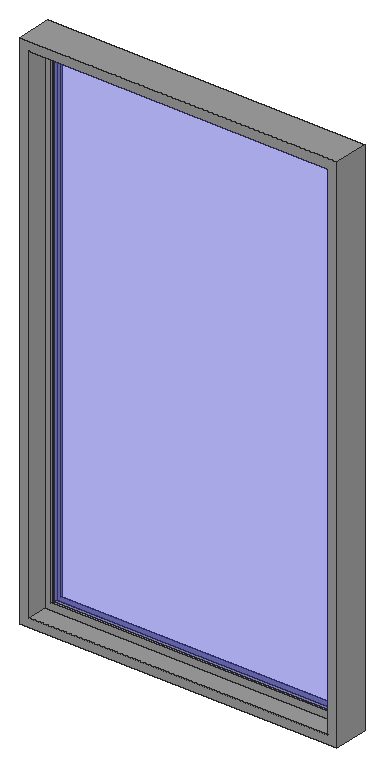
Revit family "SFH 4 FX001", category Windows, host Wall, Revit 2015
Parameters
  Wall Thickness [instance] = 0' - 6"
  URL = "obe.com"
  Rough Width = Width + 0' 0 1/2"  # 3' - 0 1/2"
  Rough Height = Height + 0' 0 1/2"  # 5' - 0 1/2"
  Offset Limitation [instance] = if((Offset + 0' 4") > Wall Thickness, (Wall Thickness - 0' 4"), Offset)  # 0' - 0"
  Offset [instance] = 0' - 0"
  Model = "SS_4_FX FX001"
  Manufacturer = "Oldcastle Building Envelope®"
  Keynote = "085100"
  Height = 5' - 0"
  Glass Material = Glass
  Gasket Material = Gasket
  Frame Material = Aluminum
  Description = "SIGNATURE FIXED HUNG 4\""
  Default Sill Height = 3' - 0"
  Wall Closure = By host
  Width = 3' - 0"
  Assembly Code = "B2020"
Reference planes (in)
  plane 1 "Center (Front/Back)": y = 0
  plane 2: z = 0
  plane 3 "Center (Left/Right)": x = -6
  plane 4 "Left": x = -24.25
  plane 5 "Right": x = 12.25
  plane 6 "Sill": z = 36
  plane 7 "Top": z = 96.5
  plane 8: x = 12
  plane 9: x = -24
  plane 10: z = 96.25
  plane 11: z = 36.25
  plane 12 "Offset": y = 3
  plane 13: z = 37.312
  plane 14: z = 95.188
Forms (in)
  Sweep 1, solid, material "Aluminum" <- "Frame Material"
    path origin (0, 3, 0) x (1, 0, 0) y (0, 0, 1)
      loop
        line (-24, 36) -> (-24, 96.5)
    profile origin (-24, 3, 66.25) x (-1, 0, 0) y (0, -1, 0)
      loop
        line (0.25, 0) -> (0.25, 4) -> (-0.8125, 4) -> (-0.8125, 1.781) -> (-1.5625, 1.781) -> (-1.5625, 1.41813) -> (-1.062, 1.41813) -> (-1.062, 0.3125) -> (-1.5625, 0.3125) -> (-1.5625, 0.1875) -> (-0.8125, 0.1875) -> (-0.8125, 0) -> (0.25, 0)
  Sweep 2, solid, material "Aluminum" <- "Frame Material"
    path origin (0, 3, 0) x (1, 0, 0) y (0, 0, 1)
      loop
        line (12, 96.5) -> (12, 36)
    profile origin (12, 3, 66.25) x (0, -1, 0) y (1, 0, 0)
      loop
        line (0, 0.25) -> (0, -0.8125) -> (0.1875, -0.8125) -> (0.1875, -1.5625) -> (0.3125, -1.5625) -> (0.3125, -1.062) -> (1.41813, -1.062) -> (1.41813, -1.5625) -> (1.781, -1.5625) -> (1.781, -0.8125) -> (4, -0.8125) -> (4, 0.25) -> (0, 0.25)
  Sweep 3, solid, material "Aluminum" <- "Frame Material"
    path origin (0, 3, 0) x (1, 0, 0) y (0, 0, 1)
      loop
        line (12.25, 96.25) -> (-24.25, 96.25)
    profile origin (-6, 3, 96.25) x (0, 0, -1) y (0, -1, 0)
      loop
        line (-0.25, 0) -> (0.8125, 0) -> (0.8125, 0.1875) -> (1.5625, 0.1875) -> (1.5625, 0.3125) -> (1.062, 0.3125) -> (1.062, 1.41813) -> (1.5625, 1.41813) -> (1.5625, 1.781) -> (0.8125, 1.781) -> (0.8125, 4) -> (-0.25, 4) -> (-0.25, 0)
  Sweep 4, solid, material "Aluminum" <- "Frame Material"
    path origin (0, 3, 0) x (1, 0, 0) y (0, 0, 1)
      loop
        line (-24.25, 36.25) -> (12.25, 36.25)
    profile origin (-6, 3, 36.25) x (0, 0, 1) y (0, -1, 0)
      loop
        line (0.8125, 4) -> (-0.25, 4) -> (-0.25, 0) -> (0.8125, 0) -> (0.8125, 0.1875) -> (1.5625, 0.1875) -> (1.5625, 0.3125) -> (1.062, 0.3125) -> (1.062, 1.3125) -> (1.062, 1.41812) -> (1.5625, 1.41812) -> (1.5625, 1.781) -> (0.8125, 1.781) -> (0.8125, 4)
  Extrusion 5, solid, material "Glass" <- "Glass Material", detail levels coarse
    sketch origin (0, 0, 0) x (1, 0, 0) y (0, 1, 0)
      loop
        line (10.938, 2.6875) -> (-22.938, 2.6875) -> (-22.938, 1.6875) -> (10.938, 1.6875) -> (10.938, 2.6875)
    from 37.312 to 95.188
  Sweep 6, solid, material "Gasket" <- "Gasket Material", detail levels fine
    path origin (0, 3, 0) x (1, 0, 0) y (0, 0, 1)
      loop
        line (12, 96.25) -> (-24, 96.25) -> (-24, 36.25) -> (12, 36.25) -> (12, 96.25)
    profile origin (-6, 3, 96.25) x (0, 0, -1) y (0, -1, 0)
      loop
        arc (1.32507, 1.41812) -> (1.30534, 1.36531) -> (1.32507, 1.3125) r 0.08053
        line (1.32507, 1.3125) -> (1.44667, 1.3125)
        arc (1.44667, 1.3125) -> (1.4664, 1.36531) -> (1.44667, 1.41812) r 0.08053
        line (1.44667, 1.41812) -> (1.32507, 1.41812)
  Extrusion 7, solid, material "Glass" <- "Glass Material", detail levels medium+fine
    sketch origin (0, 0, 0) x (1, 0, 0) y (0, 1, 0)
      loop
        line (-22.938, 2.6875) -> (-22.938, 2.5625) -> (10.938, 2.5625) -> (10.938, 2.6875) -> (-22.938, 2.6875)
      loop
        line (10.938, 1.6875) -> (10.938, 1.8125) -> (-22.938, 1.8125) -> (-22.938, 1.6875) -> (10.938, 1.6875)
    from 37.312 to 95.188
Cuts and joins
  joined: Sweep 1, Sweep 2, Sweep 3, Sweep 4
Lines and regions (in)
  Opening 1
    outline origin (-60, -3, 0) x (1, 0, 0) y (0, 0, 1)
      loop
        line (35.75, 96.5) -> (35.75, 36) -> (72.25, 36) -> (72.25, 96.5) -> (35.75, 96.5)
Text (in)
  text "EXTERIOR" at (-58.6888, 60.90694, 0), in view "Ref. Level"
  text "INTERIOR" at (-58.6888, -47.76638, 0), in view "Ref. Level"
  text "Exterior" at (0, 43.65631, 123.19604), in view "Left"
  text "Exterior" at (0, 18.29385, 125.04747), in view "Right"
Dimensions and locks (in)
  equal spacing: plane 4 "Left", plane 3 "Center (Left/Right)", plane 5 "Right"
  "Rough Height": plane 6 "Sill" to plane 7 "Top"
  "Default Sill Height": plane 2 to plane 6 "Sill"
  locked: plane 6 "Sill" to plane 11 at 0.25
  locked: plane 8 to plane 5 "Right" at 0.25
  "Height": plane 11 to plane 10
  "Offset Limitation": plane 12 "Offset" to host wall
  "Wall Thickness": host wall to host wall
  "Width": plane 9 to plane 8
  "Rough Width": plane 4 "Left" to plane 5 "Right"
  locked: plane 13 to plane 11 at 1.062
  locked: plane 10 to plane 14 at 1.062
  Extrusion 5 sketch curve to Extrusion 5 sketch curve to plane 12 "Offset" = 0' - 1" locked, 0' - 0 5/16" locked
  plane 12 "Offset" to Extrusion 7 sketch curve to Extrusion 7 sketch curve to Extrusion 7 sketch curve to Extrusion 7 sketch curve = 0' - 0 5/16" locked, 0' - 0 1/8" locked, 0' - 0 3/4" locked, 0' - 0 1/8" locked
  aligned and locked: plane 7 "Top" to Opening 1 sketch curve
  aligned and locked: plane 6 "Sill" to Opening 1 sketch curve  (x2)
  aligned and locked: plane 5 "Right" to Opening 1 sketch curve
  aligned and locked: plane 4 "Left" to Opening 1 sketch curve
  aligned and locked: level to plane 2
  aligned and locked: Sweep 2 sketch curve to plane 8
  aligned and locked: plane 10 to Sweep 3 sketch curve
  aligned and locked: Sweep 4 sketch curve to plane 11
  aligned and locked: plane 14 to Extrusion 5
  aligned and locked: Extrusion 5 to plane 13
  aligned and locked: nested 1 to plane 11
  aligned and locked: plane 3 "Center (Left/Right)" to nested 1
  aligned and locked: plane 12 "Offset" to nested 1
  aligned and locked: plane 11 to nested 2
  aligned and locked: plane 12 "Offset" to nested 2
  aligned and locked: Extrusion 7 to plane 13
  aligned and locked: plane 14 to Extrusion 7
  aligned and locked: plane 3 "Center (Left/Right)" to nested 2
Automatic sketch dimensions
  Sweep 2 sketch curve to plane 6 "Sill" = 0' - 0"
  Sweep 2 sketch curve to plane 7 "Top" = 0' - 0"
  plane 12 "Offset" to Sweep 2 sketch curve = 0' - 0"
  Sweep 2 sketch curve to profile plane = 0' - 0 1/4"
  plane 12 "Offset" to Sweep 2 sketch curve = 0' - 0 3/16"
  Sweep 2 sketch curve to Sweep 2 sketch curve = 0' - 0 1/8"
  Sweep 2 sketch curve to Sweep 2 sketch curve = 0' - 1.10563"
  Sweep 2 sketch curve to Sweep 2 sketch curve = 0' - 0.36288"
  Sweep 2 sketch curve to Sweep 2 sketch curve = 0' - 2.219"
  profile plane to Sweep 2 sketch curve = 0' - 0 13/16"
  Sweep 2 sketch curve to Sweep 2 sketch curve = 0' - 1 1/16"
  Sweep 2 sketch curve to Sweep 2 sketch curve = 0' - 0.2495"
  Sweep 2 sketch curve to Sweep 2 sketch curve = 0' - 0.5005"  (x2)
  plane 4 "Left" to Sweep 3 sketch curve = 0' - 0"
  plane 5 "Right" to Sweep 3 sketch curve = 0' - 0"
  Sweep 3 sketch curve to plane 12 "Offset" = 0' - 0"
  profile plane to Sweep 3 sketch curve = 0' - 0 1/4"
  Sweep 3 sketch curve to profile plane = 0' - 0 13/16"  (x2)
  plane 12 "Offset" to Sweep 3 sketch curve = 0' - 0 3/16"
  Sweep 3 sketch curve to Sweep 3 sketch curve = 0' - 0.2495"
  Sweep 3 sketch curve to Sweep 3 sketch curve = 0' - 0.5005"  (x2)
  Sweep 3 sketch curve to Sweep 3 sketch curve = 0' - 0 1/8"
  Sweep 3 sketch curve to Sweep 3 sketch curve = 0' - 1.10562"
  Sweep 3 sketch curve to Sweep 3 sketch curve = 0' - 0.36288"
  Sweep 3 sketch curve to Sweep 3 sketch curve = 0' - 2.219"
  Sweep 1 sketch curve to plane 7 "Top" = 0' - 0"
  plane 9 to Sweep 1 sketch curve = 0' - 0"
  Sweep 1 sketch curve to plane 6 "Sill" = 0' - 0"
  plane 12 "Offset" to Sweep 1 sketch curve = 0' - 0"
  profile plane to Sweep 1 sketch curve = 0' - 1 9/16"
  plane 12 "Offset" to Sweep 1 sketch curve = 0' - 0 5/16"
  Sweep 1 sketch curve to Sweep 1 sketch curve = 0' - 0"
  Sweep 1 sketch curve to Sweep 1 sketch curve = 0' - 0.5005"
  Sweep 1 sketch curve to Sweep 1 sketch curve = 0' - 0.2495"
  profile plane to Sweep 1 sketch curve = 0' - 0 13/16"
  Sweep 1 sketch curve to profile plane = 0' - 0 1/4"
  plane 12 "Offset" to Sweep 1 sketch curve = 0' - 0 3/16"
  Sweep 1 sketch curve to Sweep 1 sketch curve = 0' - 1.10563"
  Sweep 1 sketch curve to Sweep 1 sketch curve = 0' - 0.36288"
  Sweep 1 sketch curve to Sweep 1 sketch curve = 0' - 2.219"
  plane 4 "Left" to Sweep 4 sketch curve = 0' - 0"
  plane 5 "Right" to Sweep 4 sketch curve = 0' - 0"
  Sweep 4 sketch curve to plane 12 "Offset" = 0' - 0"
  profile plane to Sweep 4 sketch curve = 0' - 0 1/4"
  Sweep 4 sketch curve to profile plane = 0' - 0 13/16"  (x2)
  Sweep 4 sketch curve to Sweep 4 sketch curve = 0' - 0.2495"
  Sweep 4 sketch curve to Sweep 4 sketch curve = 0' - 0.5005"  (x2)
  plane 12 "Offset" to Sweep 4 sketch curve = 0' - 0 3/16"
  Sweep 4 sketch curve to Sweep 4 sketch curve = 0' - 0 1/8"
  Sweep 4 sketch curve to Sweep 4 sketch curve = 0' - 1"
  Sweep 4 sketch curve to Sweep 4 sketch curve = 0' - 0.10562"
  Sweep 4 sketch curve to Sweep 4 sketch curve = 0' - 0.36288"
  Sweep 4 sketch curve to Sweep 4 sketch curve = 0' - 2.219"
  Extrusion 5 sketch curve to plane 9 = 0' - 1.062"
  plane 8 to Extrusion 5 sketch curve = 0' - 1.062"
  Sweep 6 sketch curve to Sweep 6 sketch curve = 0' - 0"  (x3)
  Sweep 6 sketch curve to profile plane = 0' - 1.32507"
  Sweep 6 sketch curve to Sweep 6 sketch curve = 0' - 0.0608"  (x2)
  plane 12 "Offset" to Sweep 6 sketch curve = 0' - 1 5/16"
  Sweep 6 sketch curve to Sweep 6 sketch curve = 0' - 0.05281"
  plane 9 to Sweep 6 sketch curve = 0' - 0"
  plane 8 to Sweep 6 sketch curve = 0' - 0"
  Sweep 6 sketch curve to plane 11 = 0' - 0"
  Sweep 6 sketch curve to plane 10 = 0' - 0"
  Extrusion 7 sketch curve to plane 9 = 0' - 1.062"
  Extrusion 7 sketch curve to Extrusion 7 sketch curve = 0' - 0"  (x2)
  plane 8 to Extrusion 7 sketch curve = 0' - 1.062"
Nested families (in)
  nested 1: "SFH-4-Plan View" at (-6, 3, 3.33899), Default Sill Height <- "Default Sill Height", Height <- "Height", Width <- "Width", type "SFH-4-Plan View"
    with Width 3' - 0", Height 5' - 0", Default Sill Height 3' - 0"
  nested 2: "SFH-4-Section Fixed" at (-6, 3, 0.25), Default Sill Height <- "Default Sill Height", Height <- "Height", Width <- "Width", type "SFH-4-Section Fixed"
    with Width 3' - 0", Height 5' - 0", Default Sill Height 3' - 0"
Definition of nested family "SFH-4-Plan View"
  Parameters (values of type "SFH-4-Plan View")
    Width [instance] = 2' - 0"
    Height [instance] = 4' - 0"
    Default Sill Height [instance] = 3' - 0"
    Analytic Construction = "<None>"
  Reference planes (in)
    plane 1 "Center (Front/Back)": y = 0
    plane 2: z = -3.08899
    plane 3 "Center (Left/Right)": x = 0
    plane 4: z = 32.91101
  Lines and regions (in)
    model lines, not visible
      curve 1: line (0, 0, 32.91101) -> (0, 0, 80.91101)
  Dimensions and locks (in)
    "Default Sill Height": plane 4 to plane 2
    "Height": curve 1 to plane 4
    aligned and locked: plane 2 to level
    aligned and locked: plane 1 "Center (Front/Back)" to nested 1
    aligned and locked: plane 3 "Center (Left/Right)" to nested 1
    aligned and locked: plane 4 to curve 1
    aligned and locked: plane 1 "Center (Front/Back)" to curve 1
  Nested families (in)
    nested 1: "SFH-4-Plan View" at (-12, 0, -3.08899), Width <- "Width", type "SFH-4-Plan View"
      with Width 2' - 0"
  Definition of nested family "SFH-4-Plan View"
    Parameters (values of type "SFH-4-Plan View")
      Width [instance] = 3' - 0"
    Reference planes (in)
      plane 1 "Center (Front/Back)": y = 0
      plane 2: z = 0
      plane 3 "Left": x = -6
      plane 4: x = 30
      plane 5: x = 28.938
      plane 6: x = -4.938
      plane 7 "Center (Left/Right)": x = 12
    Lines and regions (in)
      detail lines, in view "Ref. Level"
        curve 1: line (28.938, -0.3125, 0) -> (-4.938, -0.3125, 0)
        curve 4: line (28.938, -1.3125, 0) -> (-4.938, -1.3125, 0)
      detail lines, in view "Ref. Level", detail levels medium+fine
        curve 2: line (28.938, -0.4375, 0) -> (-4.938, -0.4375, 0)
        curve 3: line (28.938, -1.1875, 0) -> (-4.938, -1.1875, 0)
    Dimensions and locks (in)
      "Width": plane 3 "Left" to plane 4
      locked: plane 3 "Left" to plane 6 at 1.062
      locked: plane 5 to plane 4 at 1.062
      equal spacing: plane 3 "Left", plane 7 "Center (Left/Right)", plane 4
      aligned and locked: plane 6 to curve 1
      aligned and locked: plane 6 to curve 2
      aligned and locked: plane 6 to curve 3
      aligned and locked: plane 6 to curve 4
      aligned and locked: plane 5 to curve 1
      aligned and locked: plane 5 to curve 3
      aligned and locked: plane 5 to curve 4
      aligned and locked: nested 1 to plane 3 "Left"
      aligned and locked: nested 1 to plane 1 "Center (Front/Back)"
      aligned and locked: nested 2 to plane 1 "Center (Front/Back)"
      aligned and locked: nested 2 to plane 4
    Automatic sketch dimensions
      plane 1 "Center (Front/Back)" to curve 1 = 0' - 0 5/16"
      curve 2 to curve 3 = 0' - 0"
      curve 2 to curve 1 = 0' - 0 1/8"
      curve 3 to curve 2 = 0' - 0 3/4"
      curve 4 to curve 3 = 0' - 0 1/8"
    Nested families (in)
      nested 1: "SFH 4-JAMB R" at (-6, 0, 0) x (-1, 0, 0) z (0, 0, 1), type "SFH 4-JAMB R", in view "Ref. Level"
      nested 2: "SFH 4-JAMB L" at (30, 0, 0) x (-1, 0, 0) z (0, 0, 1), type "SFH 4-JAMB L", in view "Ref. Level"
    Definition of nested family "SFH 4-JAMB R"
      Reference planes (in)
        plane 1 "Center (Front/Back)": y = 0
        plane 2: z = 0
        plane 3 "Center (Left/Right)": x = 0
      Lines and regions (in)
        detail lines, in view "Ref. Level"
          curve 1: line (0.25, 4, 0) -> (-0.8125, 4, 0)
          curve 2: line (-0.8125, 4, 0) -> (-0.8125, 1.781, 0)
          curve 3: line (-0.8125, 1.781, 0) -> (-1.5625, 1.781, 0)
          curve 4: line (-1.5625, 1.781, 0) -> (-1.5625, 1.3125, 0)
          curve 5: line (-1.5625, 1.3125, 0) -> (-1.062, 1.3125, 0)
          curve 6: line (-1.062, 1.3125, 0) -> (-1.062, 0.3125, 0)
          curve 7: line (-1.062, 0.3125, 0) -> (-1.5625, 0.3125, 0)
          curve 8: line (-1.5625, 0.3125, 0) -> (-1.5625, 0.1875, 0)
          curve 9: line (-1.5625, 0.1875, 0) -> (-0.8125, 0.1875, 0)
          curve 10: line (-0.8125, 0.1875, 0) -> (-0.8125, 0, 0)
          curve 11: line (-0.8125, 0, 0) -> (0.25, 0, 0)
          curve 12: line (0.25, 0, 0) -> (0.25, 4, 0)
    Definition of nested family "SFH 4-JAMB L"
      Reference planes (in)
        plane 1 "Center (Front/Back)": y = 0
        plane 2: z = 0
        plane 3 "Center (Left/Right)": x = 0
      Lines and regions (in)
        detail lines, in view "Ref. Level"
          curve 1: line (-0.25, 4, 0) -> (0.8125, 4, 0)
          curve 2: line (0.8125, 4, 0) -> (0.8125, 1.781, 0)
          curve 3: line (0.8125, 1.781, 0) -> (1.5625, 1.781, 0)
          curve 4: line (1.5625, 1.781, 0) -> (1.5625, 1.3125, 0)
          curve 5: line (1.5625, 1.3125, 0) -> (1.062, 1.3125, 0)
          curve 6: line (1.062, 1.3125, 0) -> (1.062, 0.3125, 0)
          curve 7: line (1.062, 0.3125, 0) -> (1.5625, 0.3125, 0)
          curve 8: line (1.5625, 0.3125, 0) -> (1.5625, 0.1875, 0)
          curve 9: line (1.5625, 0.1875, 0) -> (0.8125, 0.1875, 0)
          curve 10: line (0.8125, 0.1875, 0) -> (0.8125, 0, 0)
          curve 11: line (0.8125, 0, 0) -> (-0.25, 0, 0)
          curve 12: line (-0.25, 0, 0) -> (-0.25, 4, 0)
Definition of nested family "SFH-4-Section Fixed"
  Parameters (values of type "SFH-4-Section Fixed")
    Width [instance] = 2' - 0"
    Height [instance] = 4' - 0"
    Default Sill Height [instance] = 3' - 0"
    Analytic Construction = "<None>"
  Reference planes (in)
    plane 1 "Center (Front/Back)": y = 0
    plane 2: z = 0
    plane 3 "Center (Left/Right)": x = 0
    plane 4: z = 36
  Lines and regions (in)
    model lines, not visible
      curve 1: line (-12, 0, 0) -> (12, 0, 0)
  Dimensions and locks (in)
    equal spacing: curve 1, plane 3 "Center (Left/Right)", curve 1
    "Width": curve 1 to curve 1
    "Default Sill Height": plane 4 to plane 2
    aligned and locked: plane 2 to level
    aligned and locked: nested 1 to plane 1 "Center (Front/Back)"
    aligned and locked: plane 4 to nested 1
    aligned and locked: plane 1 "Center (Front/Back)" to curve 1
  Nested families (in)
    nested 1: "SFH-4-Section Fixed" at (0, 0, 36) x (0, -1, 0) z (1, 0, 0), Height <- "Height", type "SFH-4-Section Fixed"
      with Height 4' - 0"
  Definition of nested family "SFH-4-Section Fixed"
    Parameters (values of type "SFH-4-Section Fixed")
      Height [instance] = 3' - 0"
    Reference planes (in)
      plane 1 "Center (Front/Back)": y = 0
      plane 2: z = 0
      plane 3 "Center (Left/Right)": x = 0
      plane 4: y = 36
      plane 5: y = 34.938
      plane 6: y = 1.062
    Lines and regions (in)
      detail lines, in view "Ref. Level"
        curve 1: line (0.3125, 1.062, 0) -> (0.3125, 34.938, 0)
        curve 4: line (1.3125, 1.062, 0) -> (1.3125, 34.938, 0)
      detail lines, in view "Ref. Level", detail levels medium+fine
        curve 2: line (0.4375, 1.062, 0) -> (0.4375, 34.938, 0)
        curve 3: line (1.1875, 1.062, 0) -> (1.1875, 34.938, 0)
    Dimensions and locks (in)
      "Height": plane 1 "Center (Front/Back)" to plane 4
      plane 6 to plane 1 "Center (Front/Back)" = 0' - 1.062"
      plane 4 to plane 5 = 0' - 1.062"
      aligned and locked: plane 3 "Center (Left/Right)" to nested 1
      aligned and locked: plane 1 "Center (Front/Back)" to nested 1
      aligned and locked: plane 3 "Center (Left/Right)" to nested 2
      aligned and locked: nested 2 to plane 4
      aligned and locked: plane 6 to curve 4
      aligned and locked: plane 6 to curve 3
      aligned and locked: plane 6 to curve 2
      aligned and locked: plane 6 to curve 1
      aligned and locked: plane 5 to curve 4
      aligned and locked: plane 5 to curve 3
      aligned and locked: plane 5 to curve 2
      aligned and locked: plane 5 to curve 1
      aligned and locked: plane 5 to nested 2
      aligned and locked: plane 6 to nested 1
    Automatic sketch dimensions
      plane 3 "Center (Left/Right)" to curve 1 = 0' - 0 5/16"
      curve 1 to curve 2 = 0' - 0 1/8"
      curve 2 to curve 3 = 0' - 0 3/4"
      curve 3 to curve 4 = 0' - 0 1/8"
    Nested families (in)
      nested 1: "SFH 4-SILL" at (0, 0, 0), type "SFH 4-SILL", in view "Ref. Level"
      nested 2: "SFH 4-HEAD" at (0, 36, 0), type "SFH 4-HEAD", in view "Ref. Level"
    Definition of nested family "SFH 4-SILL"
      Reference planes (in)
        plane 1 "Center (Front/Back)": y = 0
        plane 2: z = 0
        plane 3 "Center (Left/Right)": x = 0
      Lines and regions (in)
        detail lines, in view "Ref. Level"
          curve 1: line (4, 0.8125, 0) -> (1.781, 0.8125, 0)
          curve 2: line (1.781, 0.8125, 0) -> (1.781, 1.5625, 0)
          curve 3: line (1.781, 1.5625, 0) -> (1.3125, 1.5625, 0)
          curve 4: line (1.3125, 1.5625, 0) -> (1.3125, 1.062, 0)
          curve 5: line (1.3125, 1.062, 0) -> (0.3125, 1.062, 0)
          curve 6: line (0.3125, 1.062, 0) -> (0.3125, 1.5625, 0)
          curve 7: line (0.3125, 1.5625, 0) -> (0.1875, 1.5625, 0)
          curve 8: line (0.1875, 1.5625, 0) -> (0.1875, 0.8125, 0)
          curve 9: line (0.1875, 0.8125, 0) -> (0, 0.8125, 0)
          curve 10: line (0, 0.8125, 0) -> (0, -0.25, 0)
          curve 11: line (0, -0.25, 0) -> (4, -0.25, 0)
          curve 12: line (4, -0.25, 0) -> (4, 0.8125, 0)
    Definition of nested family "SFH 4-HEAD"
      Reference planes (in)
        plane 1 "Center (Front/Back)": y = 0
        plane 2: z = 0
        plane 3 "Center (Left/Right)": x = 0
      Lines and regions (in)
        detail lines, in view "Ref. Level"
          curve 1: line (4, 0.25, 0) -> (0, 0.25, 0)
          curve 2: line (0, 0.25, 0) -> (0, -0.8125, 0)
          curve 3: line (0, -0.8125, 0) -> (0.1875, -0.8125, 0)
          curve 4: line (0.1875, -0.8125, 0) -> (0.1875, -1.5625, 0)
          curve 5: line (0.1875, -1.5625, 0) -> (0.3125, -1.5625, 0)
          curve 6: line (0.3125, -1.5625, 0) -> (0.3125, -1.062, 0)
          curve 7: line (0.3125, -1.062, 0) -> (1.3125, -1.062, 0)
          curve 8: line (1.3125, -1.062, 0) -> (1.3125, -1.5625, 0)
          curve 9: line (1.3125, -1.5625, 0) -> (1.781, -1.5625, 0)
          curve 10: line (1.781, -1.5625, 0) -> (1.781, -0.8125, 0)
          curve 11: line (1.781, -0.8125, 0) -> (4, -0.8125, 0)
          curve 12: line (4, -0.8125, 0) -> (4, 0.25, 0)
